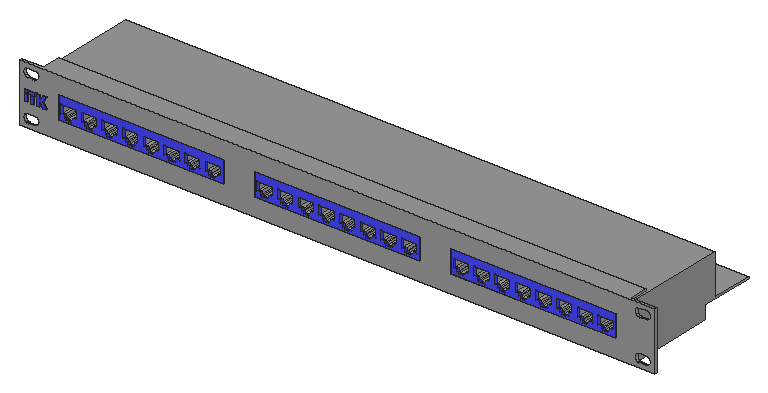
Revit family "ITK_Патч-панель 19-дюймовое крепление_1U_категория 6 STP_24 порта", category Обобщенные модели, Revit 2019
Family settings
  Может служить основой для арматурных стержней = Нет
  Размер круглого соединителя = Использовать диаметр
  Тип детали = Нормальный
  На основе рабочей плоскости = Нет
  Всегда вертикально = Да
  При загрузке вырезать с полостями = Нет
  Общий = Нет
  Точка расчета площади = Нет
Parameters (values of type "PP24-1UC6S-D05")
  Ширина = 482.6 mm
  Материал = Окраска - RAL 9005
  Изготовитель = "ITK"  # constant formula
  Дата изменения = ""
  Глубина = 111 mm
  Высота = 44 mm
  URL = "https://www.iek.ru/"
  KSI_CPr_Строительные изделия = "27.12.31.61.1.04.09-1090"  # constant formula
  KSI_CMa_Строительные материалы = "10.03.02.06"  # constant formula
  IEK_Цена за единицу = 5227.61
  IEK_Поиск в таблице имен = ""
  IEK_Описание = "Патч-панели для монтажа в 19\" шкаф или стойку соответствуют стандарту 19\" (482,6 мм), имеют отверстия с левой и правой стороны для крепления на профиль, производятся высотой 1 или 2 юнита.\r\nНа передней стороне все патч-панели ITK имеют специальную площадку для дополнительной маркировки и цифровую нумерацию портов, на обратной стороне модули IDC имеют цветовую и цифровую нумерацию. Патч-панели соответствуют международным стандартам. Поставляются в картонной коробке с крепежом."
  IEK_URL = "https://www.itk-group.ru/produktsiya/catalog/oborudovanie_telekommunikatsionnoe/komponenty_sks_mednye/patch_paneli/patch_paneli_kat_6/patch_paneli_kat_6_ekranirovannye/itk_1u_patch_panel_kat_6_stp_24_porta_dual_s_kabelnym_organayzerom"
  ADSK_Примечание = ""
  ADSK_Позиция [instance] = ""
  ADSK_Наименование = "ITK 1U патч-панель кат.6 STP, 24 порта (Dual), с кабельным органайзером"
  ADSK_Материал обозначение = ""
  ADSK_Материал наименование = "Металл и АБС-пластик"  # constant formula
  ADSK_Масса = 2
  ADSK_Марка = ""  # constant formula
  ADSK_Код изделия = "PP24-1UC6S-D05"
  ADSK_Завод-изготовитель = "IEK"  # constant formula
  ADSK_Единица измерения = "шт"  # constant formula
  ADSK_Группирование = "I. ЩИТЫ И ПУЛЬТЫ"  # constant formula
  ADSK_Версия семейства = "1.0"  # constant formula
  ADSK_Версия Revit = "2019"  # constant formula
  ADSK_URL страницы изделия = "https://www.itk-group.ru/produktsiya/catalog/oborudovanie_telekommunikatsionnoe/komponenty_sks_mednye/patch_paneli/patch_paneli_kat_6/patch_paneli_kat_6_ekranirovannye/"
Reference planes
  plane 1 "По центру (Вперед/Назад)": y = 0
  plane 2: z = 0
  plane 3 "По центру (Влево/Вправо)": x = 0
  plane 4: x = -241
  plane 5: x = 241.6
  plane 6: y = 111
  plane 7: z = 44
Forms (mm)
  Extrusion 1, solid, material "Окраска - RAL 9005" <- "Материал", detail levels fine
    sketch origin (0, 0, 0) x (1, 0, 0) y (0, 1, 0)
      loop
        line (222.6, 1.5) -> (222.6, 27.5) -> (-224.3, 27.5) -> (-224.3, 1.5) -> (-241, 1.5) -> (-241, 0) -> (241.6, 0) -> (241.6, 1.5) -> (222.6, 1.5)
    from 44.351 to 0
  Extrusion 2, void
    sketch origin (0, 0, 0) x (1, 0, 0) y (0, 0, 1)
      loop
        line (-212, 30.25) -> (-212, 13.75) -> (-86.6, 13.75) -> (-86.6, 30.25) -> (-212, 30.25)
      loop
        arc (-229.85, 34.15) -> (-227.481, 35.131) -> (-226.5, 37.5) r 3.35
        arc (-226.5, 37.5) -> (-227.481, 39.869) -> (-229.85, 40.85) r 3.35
        line (-229.85, 40.85) -> (-234.65, 40.85)
        arc (-234.65, 40.85) -> (-238, 37.5) -> (-234.65, 34.15) r 3.35
        line (-234.65, 34.15) -> (-229.85, 34.15)
      loop
        arc (-234.65, 9.85) -> (-238, 6.5) -> (-234.65, 3.15) r 3.35
        line (-234.65, 3.15) -> (-229.85, 3.15)
        arc (-229.85, 3.15) -> (-227.481, 4.131) -> (-226.5, 6.5) r 3.35
        arc (-226.5, 6.5) -> (-227.481, 8.869) -> (-229.85, 9.85) r 3.35
        line (-229.85, 9.85) -> (-234.65, 9.85)
      loop
        arc (235.25, 34.15) -> (237.619, 35.131) -> (238.6, 37.5) r 3.35
        arc (238.6, 37.5) -> (237.619, 39.869) -> (235.25, 40.85) r 3.35
        line (235.25, 40.85) -> (230.45, 40.85)
        arc (230.45, 40.85) -> (227.1, 37.5) -> (230.45, 34.15) r 3.35
        line (230.45, 34.15) -> (235.25, 34.15)
      loop
        arc (230.45, 9.85) -> (227.1, 6.5) -> (230.45, 3.15) r 3.35
        line (230.45, 3.15) -> (235.25, 3.15)
        arc (235.25, 3.15) -> (237.619, 4.131) -> (238.6, 6.5) r 3.35
        arc (238.6, 6.5) -> (237.619, 8.869) -> (235.25, 9.85) r 3.35
        line (235.25, 9.85) -> (230.45, 9.85)
      loop
        line (-62.7, 30.25) -> (-62.7, 13.75) -> (62.7, 13.75) -> (62.7, 30.25) -> (-62.7, 30.25)
      loop
        line (86.6, 30.25) -> (86.6, 13.75) -> (212, 13.75) -> (212, 30.25) -> (86.6, 30.25)
    from -3.684 to 0
  Extrusion 3, void
    sketch origin (0, 0, 0) x (1, 0, 0) y (0, 0, 1)
      loop
        line (-198.4, 18.25) -> (-198.4, 25.05) -> (-210.1, 25.05) -> (-210.1, 18.25) -> (-207.5, 18.25) -> (-207.5, 16.55) -> (-206.25, 16.55) -> (-206.25, 15.25) -> (-202.25, 15.25) -> (-202.25, 16.55) -> (-201, 16.55) -> (-201, 18.25) -> (-198.4, 18.25)
      loop
        line (-182.7, 25.05) -> (-194.4, 25.05) -> (-194.4, 18.25) -> (-191.8, 18.25) -> (-191.8, 16.55) -> (-190.55, 16.55) -> (-190.55, 15.25) -> (-186.55, 15.25) -> (-186.55, 16.55) -> (-185.3, 16.55) -> (-185.3, 18.25) -> (-182.7, 18.25) -> (-182.7, 25.05)
      loop
        line (-167, 25.05) -> (-178.7, 25.05) -> (-178.7, 18.25) -> (-176.1, 18.25) -> (-176.1, 16.55) -> (-174.85, 16.55) -> (-174.85, 15.25) -> (-170.85, 15.25) -> (-170.85, 16.55) -> (-169.6, 16.55) -> (-169.6, 18.25) -> (-167, 18.25) -> (-167, 25.05)
      loop
        line (-151.3, 25.05) -> (-163, 25.05) -> (-163, 18.25) -> (-160.4, 18.25) -> (-160.4, 16.55) -> (-159.15, 16.55) -> (-159.15, 15.25) -> (-155.15, 15.25) -> (-155.15, 16.55) -> (-153.9, 16.55) -> (-153.9, 18.25) -> (-151.3, 18.25) -> (-151.3, 25.05)
      loop
        line (-135.6, 25.05) -> (-147.3, 25.05) -> (-147.3, 18.25) -> (-144.7, 18.25) -> (-144.7, 16.55) -> (-143.45, 16.55) -> (-143.45, 15.25) -> (-139.45, 15.25) -> (-139.45, 16.55) -> (-138.2, 16.55) -> (-138.2, 18.25) -> (-135.6, 18.25) -> (-135.6, 25.05)
      loop
        line (-131.6, 25.05) -> (-131.6, 18.25) -> (-129, 18.25) -> (-129, 16.55) -> (-127.75, 16.55) -> (-127.75, 15.25) -> (-123.75, 15.25) -> (-123.75, 16.55) -> (-122.5, 16.55) -> (-122.5, 18.25) -> (-119.9, 18.25) -> (-119.9, 25.05) -> (-131.6, 25.05)
      loop
        line (-49.1, 25.05) -> (-60.8, 25.05) -> (-60.8, 18.25) -> (-58.2, 18.25) -> (-58.2, 16.55) -> (-56.95, 16.55) -> (-56.95, 15.25) -> (-52.95, 15.25) -> (-52.95, 16.55) -> (-51.7, 16.55) -> (-51.7, 18.25) -> (-49.1, 18.25) -> (-49.1, 25.05)
      loop
        line (-45.1, 25.05) -> (-45.1, 18.25) -> (-42.5, 18.25) -> (-42.5, 16.55) -> (-41.25, 16.55) -> (-41.25, 15.25) -> (-37.25, 15.25) -> (-37.25, 16.55) -> (-36, 16.55) -> (-36, 18.25) -> (-33.4, 18.25) -> (-33.4, 25.05) -> (-45.1, 25.05)
      loop
        line (-29.4, 25.05) -> (-29.4, 18.25) -> (-26.8, 18.25) -> (-26.8, 16.55) -> (-25.55, 16.55) -> (-25.55, 15.25) -> (-21.55, 15.25) -> (-21.55, 16.55) -> (-20.3, 16.55) -> (-20.3, 18.25) -> (-17.7, 18.25) -> (-17.7, 25.05) -> (-29.4, 25.05)
      loop
        line (-13.7, 25.05) -> (-13.7, 18.25) -> (-11.1, 18.25) -> (-11.1, 16.55) -> (-9.85, 16.55) -> (-9.85, 15.25) -> (-5.85, 15.25) -> (-5.85, 16.55) -> (-4.6, 16.55) -> (-4.6, 18.25) -> (-2, 18.25) -> (-2, 25.05) -> (-13.7, 25.05)
      loop
        line (17.7, 25.05) -> (17.7, 18.25) -> (20.3, 18.25) -> (20.3, 16.55) -> (21.55, 16.55) -> (21.55, 15.25) -> (25.55, 15.25) -> (25.55, 16.55) -> (26.8, 16.55) -> (26.8, 18.25) -> (29.4, 18.25) -> (29.4, 25.05) -> (17.7, 25.05)
      loop
        line (2, 25.05) -> (2, 18.25) -> (4.6, 18.25) -> (4.6, 16.55) -> (5.85, 16.55) -> (5.85, 15.25) -> (9.85, 15.25) -> (9.85, 16.55) -> (11.1, 16.55) -> (11.1, 18.25) -> (13.7, 18.25) -> (13.7, 25.05) -> (2, 25.05)
      loop
        line (119.9, 25.05) -> (119.9, 18.25) -> (122.5, 18.25) -> (122.5, 16.55) -> (123.75, 16.55) -> (123.75, 15.25) -> (127.75, 15.25) -> (127.75, 16.55) -> (129, 16.55) -> (129, 18.25) -> (131.6, 18.25) -> (131.6, 25.05) -> (119.9, 25.05)
      loop
        line (135.6, 25.05) -> (135.6, 18.25) -> (138.2, 18.25) -> (138.2, 16.55) -> (139.45, 16.55) -> (139.45, 15.25) -> (143.45, 15.25) -> (143.45, 16.55) -> (144.7, 16.55) -> (144.7, 18.25) -> (147.3, 18.25) -> (147.3, 25.05) -> (135.6, 25.05)
      loop
        line (151.3, 25.05) -> (151.3, 18.25) -> (153.9, 18.25) -> (153.9, 16.55) -> (155.15, 16.55) -> (155.15, 15.25) -> (159.15, 15.25) -> (159.15, 16.55) -> (160.4, 16.55) -> (160.4, 18.25) -> (163, 18.25) -> (163, 25.05) -> (151.3, 25.05)
      loop
        line (167, 25.05) -> (167, 18.25) -> (169.6, 18.25) -> (169.6, 16.55) -> (170.85, 16.55) -> (170.85, 15.25) -> (174.85, 15.25) -> (174.85, 16.55) -> (176.1, 16.55) -> (176.1, 18.25) -> (178.7, 18.25) -> (178.7, 25.05) -> (167, 25.05)
      loop
        line (182.7, 25.05) -> (182.7, 18.25) -> (185.3, 18.25) -> (185.3, 16.55) -> (186.55, 16.55) -> (186.55, 15.25) -> (190.55, 15.25) -> (190.55, 16.55) -> (191.8, 16.55) -> (191.8, 18.25) -> (194.4, 18.25) -> (194.4, 25.05) -> (182.7, 25.05)
      loop
        line (198.4, 25.05) -> (198.4, 18.25) -> (201, 18.25) -> (201, 16.55) -> (202.25, 16.55) -> (202.25, 15.25) -> (206.25, 15.25) -> (206.25, 16.55) -> (207.5, 16.55) -> (207.5, 18.25) -> (210.1, 18.25) -> (210.1, 25.05) -> (198.4, 25.05)
      loop
        line (49.1, 25.05) -> (49.1, 18.25) -> (51.7, 18.25) -> (51.7, 16.55) -> (52.95, 16.55) -> (52.95, 15.25) -> (56.95, 15.25) -> (56.95, 16.55) -> (58.2, 16.55) -> (58.2, 18.25) -> (60.8, 18.25) -> (60.8, 25.05) -> (49.1, 25.05)
      loop
        line (33.4, 25.05) -> (33.4, 18.25) -> (36, 18.25) -> (36, 16.55) -> (37.25, 16.55) -> (37.25, 15.25) -> (41.25, 15.25) -> (41.25, 16.55) -> (42.5, 16.55) -> (42.5, 18.25) -> (45.1, 18.25) -> (45.1, 25.05) -> (33.4, 25.05)
      loop
        line (-104.2, 25.05) -> (-115.9, 25.05) -> (-115.9, 18.25) -> (-113.3, 18.25) -> (-113.3, 16.55) -> (-112.05, 16.55) -> (-112.05, 15.25) -> (-108.05, 15.25) -> (-108.05, 16.55) -> (-106.8, 16.55) -> (-106.8, 18.25) -> (-104.2, 18.25) -> (-104.2, 25.05)
      loop
        line (-100.2, 25.05) -> (-100.2, 18.25) -> (-97.6, 18.25) -> (-97.6, 16.55) -> (-96.35, 16.55) -> (-96.35, 15.25) -> (-92.35, 15.25) -> (-92.35, 16.55) -> (-91.1, 16.55) -> (-91.1, 18.25) -> (-88.5, 18.25) -> (-88.5, 25.05) -> (-100.2, 25.05)
      loop
        line (88.5, 25.05) -> (88.5, 18.25) -> (91.1, 18.25) -> (91.1, 16.55) -> (92.35, 16.55) -> (92.35, 15.25) -> (96.35, 15.25) -> (96.35, 16.55) -> (97.6, 16.55) -> (97.6, 18.25) -> (100.2, 18.25) -> (100.2, 25.05) -> (88.5, 25.05)
      loop
        line (104.2, 25.05) -> (104.2, 18.25) -> (106.8, 18.25) -> (106.8, 16.55) -> (108.05, 16.55) -> (108.05, 15.25) -> (112.05, 15.25) -> (112.05, 16.55) -> (113.3, 16.55) -> (113.3, 18.25) -> (115.9, 18.25) -> (115.9, 25.05) -> (104.2, 25.05)
    from -20 to 0
  Extrusion 4, void
    sketch origin (0, 0, 0) x (0, 1, 0) y (0, 0, 1)
      loop
        line (15.5, 44.351) -> (15.5, 42.95) -> (1.5, 42.95) -> (1.5, 0) -> (27.5, 0) -> (27.5, 44.351) -> (15.5, 44.351)
    from 253.881 to -268.461
  Extrusion 5, solid, material "Окраска - RAL 9005" <- "Материал", detail levels fine
    sketch origin (0, 0, 0) x (0, 1, 0) y (0, 0, 1)
      loop
        line (1.5, 0) -> (69.5, 0) -> (69.5, 10) -> (110.5, 10) -> (110.5, 11.5) -> (79, 11.5) -> (79, 42.45) -> (1.5, 42.45) -> (1.5, 0)
    from 224.3 to -224.3
  Extrusion 6, solid, material "Пластик слоновая кость", detail levels fine
    sketch origin (0, 0, 0) x (1, 0, 0) y (0, 0, 1)
      loop
        line (-212, 13.75) -> (-86.6, 13.75) -> (-86.6, 30.25) -> (-212, 30.25) -> (-212, 13.75)
      loop
        line (-62.7, 13.75) -> (62.7, 13.75) -> (62.7, 30.25) -> (-62.7, 30.25) -> (-62.7, 13.75)
      loop
        line (86.6, 13.75) -> (212, 13.75) -> (212, 30.25) -> (86.6, 30.25) -> (86.6, 13.75)
    from -1.5 to 0
  Extrusion 7, solid, material "Условный материал-отделка", detail levels coarse+medium
    sketch origin (0, 0, 0) x (1, 0, 0) y (0, 1, 0)
      loop
        line (-241, 110.5) -> (-241, 0) -> (241.6, 0) -> (241.6, 110.5) -> (-241, 110.5)
    from 0 to 44 <- "Высота"
  Extrusion 8, solid, material "Пластик белый", detail levels fine
    sketch origin (-229.729, 0, 17.669) x (1, 0, 0) y (0, 0, 1)
      loop
        line (-7.624, 5.29) -> (-7.624, 0) -> (-5.312, 0) -> (-5.312, 5.29) -> (-7.624, 5.29)
      loop
        line (-0.808, 5.29) -> (-2.986, 5.29) -> (-2.986, 0) -> (-0.808, 0) -> (-0.808, 5.29)
      loop
        line (-7.624, 6.027) -> (-5.312, 6.027) -> (-5.312, 8.272) -> (-7.624, 8.272) -> (-7.624, 6.027)
      loop
        line (1.567, 8.272) -> (1.567, 0) -> (3.747, 0) -> (3.747, 3.101) -> (4.58, 3.101) -> (6.594, 0) -> (9.251, 0) -> (6.241, 4.142) -> (9.251, 8.272) -> (6.594, 8.272) -> (4.58, 5.17) -> (3.747, 5.17) -> (3.747, 8.272) -> (1.567, 8.272)
      loop
        line (-4.24, 6.027) -> (0.447, 6.027) -> (0.447, 8.272) -> (-4.24, 8.272) -> (-4.24, 6.027)
    from 0 to 0.554
Cuts and joins
  Extrusion 2, Extrusion 3, Extrusion 4 cuts Extrusion 1
  Extrusion 3 cuts Extrusion 5
  Extrusion 3 cuts Extrusion 6
Dimensions and locks
  "Ширина": plane 4 to plane 5
  "Глубина": plane 1 "По центру (Вперед/Назад)" to plane 6
  "Высота": plane 7 to level
  aligned and locked: level to plane 2
  aligned and locked: Extrusion 5 to cut or joined group of Extrusion 1, Extrusion 2, Extrusion 3, Extrusion 4
  aligned and locked: cut or joined group of Extrusion 1, Extrusion 2, Extrusion 3, Extrusion 4 to Extrusion 6
Automatic sketch dimensions
  plane 1 "По центру (Вперед/Назад)" to Extrusion 1 sketch curve = 0 mm
  Extrusion 1 sketch curve to plane 4 = 0 mm
  Extrusion 1 sketch curve to plane 5 = 0 mm
  Extrusion 1 sketch curve to plane 1 "По центру (Вперед/Назад)" = 1.5 mm  (x2)
  Extrusion 1 sketch curve to plane 4 = 16.7 mm
  Extrusion 1 sketch curve to Extrusion 1 sketch curve = 19 mm
  Extrusion 1 sketch curve to Extrusion 1 sketch curve = 26 mm
  Extrusion 4 sketch curve to level = 0 mm
  Extrusion 4 sketch curve to plane 1 "По центру (Вперед/Назад)" = 1.5 mm
  Extrusion 4 sketch curve to Extrusion 4 sketch curve = 14 mm
  Extrusion 4 sketch curve to Extrusion 4 sketch curve = 12 mm
  level to Extrusion 4 sketch curve = 42.95 mm
  Extrusion 4 sketch curve to Extrusion 4 sketch curve = 1.401 mm
  Extrusion 5 sketch curve to level = 0 mm
  Extrusion 5 sketch curve to plane 1 "По центру (Вперед/Назад)" = 1.5 mm
  Extrusion 5 sketch curve to Extrusion 5 sketch curve = 68 mm
  Extrusion 5 sketch curve to Extrusion 5 sketch curve = 9.5 mm
  level to Extrusion 5 sketch curve = 10 mm
  Extrusion 5 sketch curve to Extrusion 5 sketch curve = 31.5 mm
  Extrusion 5 sketch curve to Extrusion 5 sketch curve = 1.5 mm
  level to Extrusion 5 sketch curve = 42.45 mm
  plane 1 "По центру (Вперед/Назад)" to Extrusion 7 sketch curve = 0 mm
  Extrusion 7 sketch curve to plane 4 = 0 mm
  Extrusion 7 sketch curve to plane 5 = 0 mm
  Extrusion 7 sketch curve to plane 1 "По центру (Вперед/Назад)" = 110.5 mm
  Extrusion 3 sketch curve to plane 4 = 30.9 mm
  Extrusion 3 sketch curve to Extrusion 3 sketch curve = 2.6 mm  (x47)
  Extrusion 3 sketch curve to Extrusion 3 sketch curve = 1.25 mm  (x48)
  Extrusion 3 sketch curve to Extrusion 3 sketch curve = 4 mm  (x44)
  Extrusion 3 sketch curve to Extrusion 3 sketch curve = 27.7 mm  (x2)
  Extrusion 3 sketch curve to plane 3 "По центру (Влево/Вправо)" = 2 mm
  plane 3 "По центру (Влево/Вправо)" to Extrusion 3 sketch curve = 2 mm
  level to Extrusion 3 sketch curve = 15.25 mm  (x18)
  Extrusion 3 sketch curve to Extrusion 3 sketch curve = 0 mm  (x15)
  Extrusion 3 sketch curve to Extrusion 3 sketch curve = 1.3 mm  (x48)
  Extrusion 3 sketch curve to Extrusion 3 sketch curve = 1.7 mm  (x48)
  Extrusion 3 sketch curve to Extrusion 3 sketch curve = 6.8 mm  (x15)
  plane 7 to Extrusion 6 sketch curve = 13.75 mm  (x3)
  Extrusion 6 sketch curve to plane 4 = 29 mm
  level to Extrusion 6 sketch curve = 13.75 mm  (x3)
  Extrusion 6 sketch curve to plane 3 "По центру (Влево/Вправо)" = 86.6 mm
  Extrusion 6 sketch curve to Extrusion 6 sketch curve = 23.9 mm  (x2)
  plane 3 "По центру (Влево/Вправо)" to Extrusion 6 sketch curve = 62.7 mm
  Extrusion 6 sketch curve to plane 5 = 29.6 mm
  Extrusion 2 sketch curve to Extrusion 2 sketch curve = 0 mm  (x8)
  Extrusion 2 sketch curve to plane 4 = 6.35 mm  (x2)
  Extrusion 2 sketch curve to Extrusion 2 sketch curve = 4.8 mm  (x4)
  Extrusion 2 sketch curve to Extrusion 2 sketch curve = 17.85 mm
  level to Extrusion 2 sketch curve = 13.75 mm  (x3)
  Extrusion 2 sketch curve to plane 3 "По центру (Влево/Вправо)" = 86.6 mm
  Extrusion 2 sketch curve to Extrusion 2 sketch curve = 23.9 mm  (x2)
  plane 7 to Extrusion 2 sketch curve = 13.75 mm  (x3)
  plane 3 "По центру (Влево/Вправо)" to Extrusion 2 sketch curve = 62.7 mm
  Extrusion 2 sketch curve to plane 5 = 29.6 mm
  plane 7 to Extrusion 2 sketch curve = 3.15 mm
  Extrusion 2 sketch curve to plane 5 = 11.15 mm  (x2)
  level to Extrusion 2 sketch curve = 9.85 mm  (x2)
  Extrusion 2 sketch curve to Extrusion 2 sketch curve = 3.35 mm  (x3)
  Extrusion 2 sketch curve to Extrusion 2 sketch curve = 6.7 mm
  plane 7 to Extrusion 2 sketch curve = 9.85 mm
  Extrusion 8 sketch curve to plane 4 = 3.646 mm
  Extrusion 8 sketch curve to Extrusion 8 sketch curve = 0 mm  (x7)
  Extrusion 8 sketch curve to Extrusion 8 sketch curve = 2.313 mm
  Extrusion 8 sketch curve to Extrusion 8 sketch curve = 1.071 mm
  Extrusion 8 sketch curve to Extrusion 8 sketch curve = 1.255 mm  (x2)
  Extrusion 8 sketch curve to Extrusion 8 sketch curve = 2.178 mm
  Extrusion 8 sketch curve to Extrusion 8 sketch curve = 1.12 mm
  Extrusion 8 sketch curve to Extrusion 8 sketch curve = 2.18 mm  (x2)
  Extrusion 8 sketch curve to Extrusion 8 sketch curve = 0.834 mm  (x2)
  Extrusion 8 sketch curve to Extrusion 8 sketch curve = 1.661 mm
  Extrusion 8 sketch curve to Extrusion 8 sketch curve = 2.848 mm  (x2)
  Extrusion 8 sketch curve to Extrusion 8 sketch curve = 2.656 mm  (x2)
  level to Extrusion 8 sketch curve = 17.669 mm
  Extrusion 8 sketch curve to Extrusion 8 sketch curve = 3.101 mm  (x2)
  Extrusion 8 sketch curve to Extrusion 8 sketch curve = 1.041 mm
  Extrusion 8 sketch curve to Extrusion 8 sketch curve = 1.028 mm
  Extrusion 8 sketch curve to Extrusion 8 sketch curve = 0.12 mm
  Extrusion 8 sketch curve to Extrusion 8 sketch curve = 0.737 mm  (x2)
  Extrusion 8 sketch curve to Extrusion 8 sketch curve = 2.244 mm  (x2)
